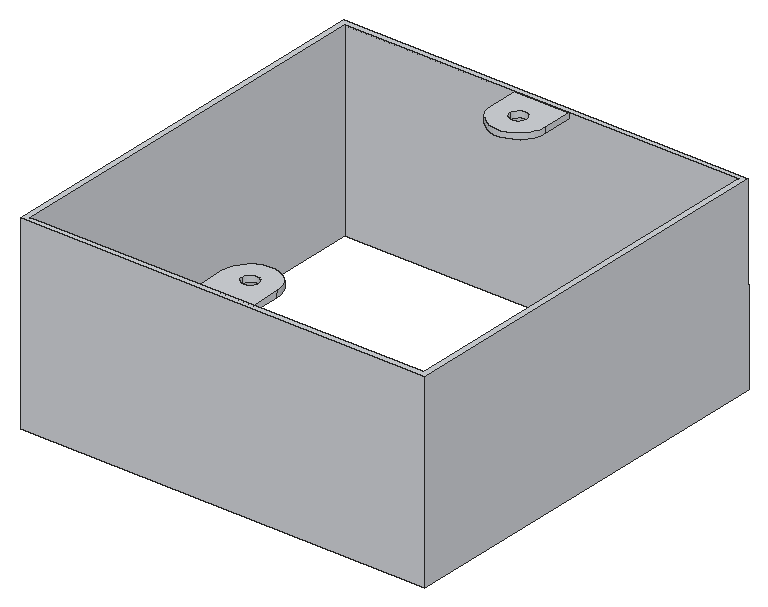
Revit family "EWS13", category Generic Models, Revit 2017
Family settings
  Can host rebar = No
  Round Connector Dimension = Use Diameter
  Part Type = Normal
  Work Plane-Based = Yes
  Always vertical = No
  Cut with Voids When Loaded = No
  Shared = No
  Room Calculation Point = No
Parameters (values of type "NBS Standard Parameters")
  Weight = "0.095Kg"
  WarrantyStartDate [instance] = "1900-12-31T23:59:59"
  WarrantyGuarantorParts = "n/a"
  WarrantyGuarantorLabor = "n/a"
  WarrantyDurationUnit = "1 year"
  WarrantyDurationParts = "n/a"
  WarrantyDurationLabor = "n/a"
  WarrantyDescription = "n/a"
  Version = "1"
  Uniclass2 = "Pr_65_72_97_84"
  TagNumber [instance] = "n/a"
  SustainabilityPerformance = "n/a"
  Size = "35mm"
  Shape = "Square"
  SerialNumber [instance] = "n/a"
  Revision = "n/a"
  ReplacementCost = "n/a"
  ProductInformation = "www.metpro.co.uk/pdf/ews13.pdf"
  NominalWidth = 75 mm
  NominalLength = 75 mm
  NominalHeight = 36.1 mm
  Name = ""
  NBSTypeID = ""
  NBSReference = "90-60-25/345"
  NBSOfficeMasterTag = ""
  NBSNote = ""
  NBSDescription = "Standard Socket Outlets"
  NBSCertification = ""
  ModelReference = "EWS13"
  ModelNumber = "n/a"
  Material = "Sheet Steel To Comply With BS4663"
  ManufacturerURL = "www.metpro.co.uk"
  ManufacturerName = "Metpro Ltd"
  Keynote = "Compliant to BS4662 & LU Standard 1-085 ( For Use On Surface & Sub-Surface Locations)"
  InstallationDate [instance] = "1900-12-31T23:59:59"
  IfcExportType = ""
  IfcExportAs = ""
  Grade = "n/a"
  Finish = "Pre Galvanised"
  Features = "n/a"
  ExpectedLife = "n/a"
  DurationUnit = "year"
  Description = "EWS13-35mm 1 Gang Extension Switch & Socket Box"
  Default Elevation = 1219.2 mm
  Constituents = "n/a"
  Color = "n/a"
  CodePerformance = "n/a"
  Category = "n/a"
  BarCode [instance] = "n/a"
  BIMObjectName = "Metpro_metprolibrary_Standardsocketoutlets_switchandsocketboxes_metal"
  Author = "Metpro limited"
  AssetType = ""
  AssetIdentifier [instance] = "n/a"
  AccessibilityPerformance = "n/a"
Reference planes
  plane 1 "Center (Front/Back)": y = 0
  plane 2: z = 0
  plane 3 "Center (Left/Right)": x = 0
Forms (mm)
  Extrusion 1, solid
    sketch origin (22.731, -71.845, 0) x (0, 1, 0) y (-1, 0, 0)
      loop
        line (85.058, -2.839) -> (85.058, 72.161) -> (10.058, 72.161) -> (10.058, -2.839) -> (85.058, -2.839)
      loop
        line (11.058, -1.839) -> (84.058, -1.839) -> (84.058, 71.161) -> (11.058, 71.161) -> (11.058, -1.839)
    from 0 to 35
  Extrusion 2, solid
    sketch origin (22.731, -71.845, 0) x (0, 1, 0) y (-1, 0, 0)
      loop
        arc (42.558, 65.764) -> (47.558, 60.764) -> (52.558, 65.764) r 5
        line (52.558, 65.764) -> (52.558, 71.161) -> (42.558, 71.161) -> (42.558, 65.764)
      loop
        circle (47.558, 65.764) r 1.528
      loop
        arc (52.558, 3.558) -> (47.558, 8.558) -> (42.558, 3.558) r 5
        line (42.558, 3.558) -> (42.558, -1.839) -> (52.558, -1.839) -> (52.558, 3.558)
      loop
        circle (47.558, 3.558) r 1.5
    from 0 to 1.4
  Extrusion 3, solid
    sketch origin (22.731, -71.845, 35) x (0, 1, 0) y (-1, 0, 0)
      loop
        line (16.455, 39.661) -> (11.058, 39.661) -> (11.058, 29.661) -> (16.455, 29.661)
        arc (16.455, 29.661) -> (21.455, 34.661) -> (16.455, 39.661) r 5
      loop
        circle (16.455, 34.661) r 1.528
      loop
        circle (78.66, 34.661) r 1.528
      loop
        arc (78.66, 39.661) -> (73.66, 34.661) -> (78.66, 29.661) r 5
        line (78.66, 29.661) -> (84.058, 29.661) -> (84.058, 39.661) -> (78.66, 39.661)
    from 0 to -1.028
Dimensions and locks
  aligned and locked: level to plane 2
